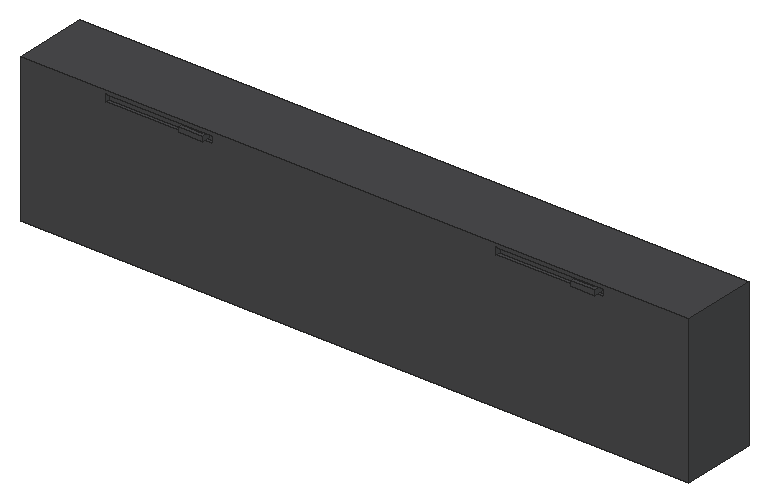
Revit family "DOT BLOCK CEILLING 328_DTSM15N3.1.36", category Luminarias, Revit 2019
Family settings
  Cota de conector redondo = Diámetro de uso
  Tipo de pieza = Normal
  Se basa en plano de trabajo = Sí
  Siempre vertical = Sí
  Corte con vacíos al cargar = No
  Origen de luz = Sí
  Compartido = No
  Punto de cálculo de habitación = No
Parameters (values of type "DOT BLOCK SURFACE 328_DM15N3.3.36")
  Ángulo de inclinación = 60.00°
  Zone [instance] = ""
  Watt per fixture = 15
  Wattage = 15 W
  built-in parameter 1150107 = 4000 (stored number, unit not read)
  built-in parameter 1150110 = 1 (stored number, unit not read)
  built-in parameter 1150109 = 1 (stored number, unit not read)
  built-in parameter 1150112 = 1 (stored number, unit not read)
  built-in parameter 1150113 = 1 (stored number, unit not read)
  built-in parameter 1114218 = 1 (stored number, unit not read)
  Keynote = ""
  built-in parameter 1150137 = (empty or 0)
  built-in parameter 1150132 = (empty or 0)
  Modelo = "DM15N3.3.36"
  Lámpara = "3030SMD PHILIPS"
  built-in parameter 1150105 = 6063.3 (stored number, unit not read)
  built-in parameter 1150102 = (empty or 0)
  built-in parameter 1150106 = 60.633 (stored number, unit not read)
  Lumens = 1395 lm
  Color Filter = 16777215
  built-in parameter 1114217 = 1 (stored number, unit not read)
  built-in parameter 1150139 = (empty or 0)
  Fabricante = "BRILLANT"
  Default Elevation = 1219.2 mm
  built-in parameter 1150104 = 8.64 (stored number, unit not read)
  Descripción = "LUMINARIA DOWNLIGHT EN FORMATO RECTANGULAR PARA EMPOTRAR DIRECTO EN PLAFON, CUERPO DE ALUMINIO ACABADO EN COLOR NEGRO, IP 20, PESO 0.84Kg, TIPO DE LED 3030SMD PHILIPS CON 15W TOTAL, 1400 LUMENES, 93LM/W, IRC 90, TEMPERATURA EN BLANCO FRIO 4000K, 50 MIL HORAS DE VIDA PROMEDIO, APERTURA DE 36 GRADOS POR PROYECTO, ALIMENTADO A 90-240V"
  built-in parameter 1150115 = 1 (stored number, unit not read)
  built-in parameter 1150114 = 1 (stored number, unit not read)
  Comentarios de vataje = "90-240V"
  built-in parameter 1150138 = (empty or 0)
  built-in parameter 1150134 = 12
  Circuit [instance] = ""
  Dimming Lamp Color Temperature Shift = (empty or 0)
  Archivo de red fotométrica = "L328A-15W-840-B-36_IESNA95.IES"
  built-in parameter 1150133 = 10 (stored number, unit not read)
Reference planes
  plane 1 "Centro (Frontal/Posterior)": y = 0
  plane 2: z = 0
  plane 3 "Centro (Izquierda/Derecha)": x = 0
Forms (mm)
  Extrusion 1, solid, material "Default Form", not visible
    sketch origin (0, 0, 0) x (1, 0, 0) y (0, 0, 1)
      loop
        line (-473, 0) -> (-473, -72) -> (473, -72) -> (473, 0) -> (-473, 0)
    from -18.326 to 18.326
  Blend 2, void, not visible
    base sketch origin (-293.63, 0, 0) x (1, 0, 0) y (0, 1, 0)
      loop
        line (-162, 16.149) -> (-162, -16.149) -> (-144.14, -16.149) -> (-144.14, 16.149) -> (-162, 16.149)
    top sketch origin (-293.63, 0, 0) x (1, 0, 0) y (0, 1, 0)
      loop
        line (-160, 12.149) -> (-160, -12.149) -> (-146.14, -12.149) -> (-146.14, 12.149) -> (-160, 12.149)
    from -72 to -61.591
  Blend 3, void, not visible
    base sketch origin (-267.33, 0, 0) x (1, 0, 0) y (0, 1, 0)
      loop
        line (-162, 16.149) -> (-162, -16.149) -> (-144.14, -16.149) -> (-144.14, 16.149) -> (-162, 16.149)
    top sketch origin (-267.33, 0, 0) x (1, 0, 0) y (0, 1, 0)
      loop
        line (-160, 12.149) -> (-160, -12.149) -> (-146.14, -12.149) -> (-146.14, 12.149) -> (-160, 12.149)
    from -72 to -61.591
  Blend 4, void, not visible
    base sketch origin (-241.03, 0, 0) x (1, 0, 0) y (0, 1, 0)
      loop
        line (-162, 16.149) -> (-162, -16.149) -> (-144.14, -16.149) -> (-144.14, 16.149) -> (-162, 16.149)
    top sketch origin (-241.03, 0, 0) x (1, 0, 0) y (0, 1, 0)
      loop
        line (-160, 12.149) -> (-160, -12.149) -> (-146.14, -12.149) -> (-146.14, 12.149) -> (-160, 12.149)
    from -72 to -61.591
  Blend 5, void, not visible
    base sketch origin (-214.73, 0, 0) x (1, 0, 0) y (0, 1, 0)
      loop
        line (-162, 16.149) -> (-162, -16.149) -> (-144.14, -16.149) -> (-144.14, 16.149) -> (-162, 16.149)
    top sketch origin (-214.73, 0, 0) x (1, 0, 0) y (0, 1, 0)
      loop
        line (-160, 12.149) -> (-160, -12.149) -> (-146.14, -12.149) -> (-146.14, 12.149) -> (-160, 12.149)
    from -72 to -61.591
  Blend 6, void, not visible
    base sketch origin (-188.43, 0, 0) x (1, 0, 0) y (0, 1, 0)
      loop
        line (-162, 16.149) -> (-162, -16.149) -> (-144.14, -16.149) -> (-144.14, 16.149) -> (-162, 16.149)
    top sketch origin (-188.43, 0, 0) x (1, 0, 0) y (0, 1, 0)
      loop
        line (-160, 12.149) -> (-160, -12.149) -> (-146.14, -12.149) -> (-146.14, 12.149) -> (-160, 12.149)
    from -72 to -61.591
  Blend 7, void, not visible
    base sketch origin (-162.13, 0, 0) x (1, 0, 0) y (0, 1, 0)
      loop
        line (-162, 16.149) -> (-162, -16.149) -> (-144.14, -16.149) -> (-144.14, 16.149) -> (-162, 16.149)
    top sketch origin (-162.13, 0, 0) x (1, 0, 0) y (0, 1, 0)
      loop
        line (-160, 12.149) -> (-160, -12.149) -> (-146.14, -12.149) -> (-146.14, 12.149) -> (-160, 12.149)
    from -72 to -61.591
  Blend 8, void, not visible
    base sketch origin (-135.83, 0, 0) x (1, 0, 0) y (0, 1, 0)
      loop
        line (-162, 16.149) -> (-162, -16.149) -> (-144.14, -16.149) -> (-144.14, 16.149) -> (-162, 16.149)
    top sketch origin (-135.83, 0, 0) x (1, 0, 0) y (0, 1, 0)
      loop
        line (-160, 12.149) -> (-160, -12.149) -> (-146.14, -12.149) -> (-146.14, 12.149) -> (-160, 12.149)
    from -72 to -61.591
  Blend 9, void, not visible
    base sketch origin (-109.53, 0, 0) x (1, 0, 0) y (0, 1, 0)
      loop
        line (-162, 16.149) -> (-162, -16.149) -> (-144.14, -16.149) -> (-144.14, 16.149) -> (-162, 16.149)
    top sketch origin (-109.53, 0, 0) x (1, 0, 0) y (0, 1, 0)
      loop
        line (-160, 12.149) -> (-160, -12.149) -> (-146.14, -12.149) -> (-146.14, 12.149) -> (-160, 12.149)
    from -72 to -61.591
  Blend 10, void, not visible
    base sketch origin (-83.23, 0, 0) x (1, 0, 0) y (0, 1, 0)
      loop
        line (-162, 16.149) -> (-162, -16.149) -> (-144.14, -16.149) -> (-144.14, 16.149) -> (-162, 16.149)
    top sketch origin (-83.23, 0, 0) x (1, 0, 0) y (0, 1, 0)
      loop
        line (-160, 12.149) -> (-160, -12.149) -> (-146.14, -12.149) -> (-146.14, 12.149) -> (-160, 12.149)
    from -72 to -61.591
  Blend 11, void, not visible
    base sketch origin (-56.93, 0, 0) x (1, 0, 0) y (0, 1, 0)
      loop
        line (-162, 16.149) -> (-162, -16.149) -> (-144.14, -16.149) -> (-144.14, 16.149) -> (-162, 16.149)
    top sketch origin (-56.93, 0, 0) x (1, 0, 0) y (0, 1, 0)
      loop
        line (-160, 12.149) -> (-160, -12.149) -> (-146.14, -12.149) -> (-146.14, 12.149) -> (-160, 12.149)
    from -72 to -61.591
  Blend 12, void, not visible
    base sketch origin (-30.63, 0, 0) x (1, 0, 0) y (0, 1, 0)
      loop
        line (-162, 16.149) -> (-162, -16.149) -> (-144.14, -16.149) -> (-144.14, 16.149) -> (-162, 16.149)
    top sketch origin (-30.63, 0, 0) x (1, 0, 0) y (0, 1, 0)
      loop
        line (-160, 12.149) -> (-160, -12.149) -> (-146.14, -12.149) -> (-146.14, 12.149) -> (-160, 12.149)
    from -72 to -61.591
  Blend 13, void, not visible
    base sketch origin (-4.33, 0, 0) x (1, 0, 0) y (0, 1, 0)
      loop
        line (-162, 16.149) -> (-162, -16.149) -> (-144.14, -16.149) -> (-144.14, 16.149) -> (-162, 16.149)
    top sketch origin (-4.33, 0, 0) x (1, 0, 0) y (0, 1, 0)
      loop
        line (-160, 12.149) -> (-160, -12.149) -> (-146.14, -12.149) -> (-146.14, 12.149) -> (-160, 12.149)
    from -72 to -61.591
  Blend 14, void, not visible
    base sketch origin (21.97, 0, 0) x (1, 0, 0) y (0, 1, 0)
      loop
        line (-162, 16.149) -> (-162, -16.149) -> (-144.14, -16.149) -> (-144.14, 16.149) -> (-162, 16.149)
    top sketch origin (21.97, 0, 0) x (1, 0, 0) y (0, 1, 0)
      loop
        line (-160, 12.149) -> (-160, -12.149) -> (-146.14, -12.149) -> (-146.14, 12.149) -> (-160, 12.149)
    from -72 to -61.591
  Blend 15, void, not visible
    base sketch origin (48.27, 0, 0) x (1, 0, 0) y (0, 1, 0)
      loop
        line (-162, 16.149) -> (-162, -16.149) -> (-144.14, -16.149) -> (-144.14, 16.149) -> (-162, 16.149)
    top sketch origin (48.27, 0, 0) x (1, 0, 0) y (0, 1, 0)
      loop
        line (-160, 12.149) -> (-160, -12.149) -> (-146.14, -12.149) -> (-146.14, 12.149) -> (-160, 12.149)
    from -72 to -61.591
  Blend 16, void, not visible
    base sketch origin (74.57, 0, 0) x (1, 0, 0) y (0, 1, 0)
      loop
        line (-162, 16.149) -> (-162, -16.149) -> (-144.14, -16.149) -> (-144.14, 16.149) -> (-162, 16.149)
    top sketch origin (74.57, 0, 0) x (1, 0, 0) y (0, 1, 0)
      loop
        line (-160, 12.149) -> (-160, -12.149) -> (-146.14, -12.149) -> (-146.14, 12.149) -> (-160, 12.149)
    from -72 to -61.591
  Blend 17, void, not visible
    base sketch origin (100.87, 0, 0) x (1, 0, 0) y (0, 1, 0)
      loop
        line (-162, 16.149) -> (-162, -16.149) -> (-144.14, -16.149) -> (-144.14, 16.149) -> (-162, 16.149)
    top sketch origin (100.87, 0, 0) x (1, 0, 0) y (0, 1, 0)
      loop
        line (-160, 12.149) -> (-160, -12.149) -> (-146.14, -12.149) -> (-146.14, 12.149) -> (-160, 12.149)
    from -72 to -61.591
  Blend 18, void, not visible
    base sketch origin (127.17, 0, 0) x (1, 0, 0) y (0, 1, 0)
      loop
        line (-162, 16.149) -> (-162, -16.149) -> (-144.14, -16.149) -> (-144.14, 16.149) -> (-162, 16.149)
    top sketch origin (127.17, 0, 0) x (1, 0, 0) y (0, 1, 0)
      loop
        line (-160, 12.149) -> (-160, -12.149) -> (-146.14, -12.149) -> (-146.14, 12.149) -> (-160, 12.149)
    from -72 to -61.591
  Blend 19, void, not visible
    base sketch origin (153.47, 0, 0) x (1, 0, 0) y (0, 1, 0)
      loop
        line (-162, 16.149) -> (-162, -16.149) -> (-144.14, -16.149) -> (-144.14, 16.149) -> (-162, 16.149)
    top sketch origin (153.47, 0, 0) x (1, 0, 0) y (0, 1, 0)
      loop
        line (-160, 12.149) -> (-160, -12.149) -> (-146.14, -12.149) -> (-146.14, 12.149) -> (-160, 12.149)
    from -72 to -61.591
  Blend 20, void, not visible
    base sketch origin (179.77, 0, 0) x (1, 0, 0) y (0, 1, 0)
      loop
        line (-162, 16.149) -> (-162, -16.149) -> (-144.14, -16.149) -> (-144.14, 16.149) -> (-162, 16.149)
    top sketch origin (179.77, 0, 0) x (1, 0, 0) y (0, 1, 0)
      loop
        line (-160, 12.149) -> (-160, -12.149) -> (-146.14, -12.149) -> (-146.14, 12.149) -> (-160, 12.149)
    from -72 to -61.591
  Blend 21, void, not visible
    base sketch origin (206.07, 0, 0) x (1, 0, 0) y (0, 1, 0)
      loop
        line (-162, 16.149) -> (-162, -16.149) -> (-144.14, -16.149) -> (-144.14, 16.149) -> (-162, 16.149)
    top sketch origin (206.07, 0, 0) x (1, 0, 0) y (0, 1, 0)
      loop
        line (-160, 12.149) -> (-160, -12.149) -> (-146.14, -12.149) -> (-146.14, 12.149) -> (-160, 12.149)
    from -72 to -61.591
  Blend 22, void, not visible
    base sketch origin (232.37, 0, 0) x (1, 0, 0) y (0, 1, 0)
      loop
        line (-162, 16.149) -> (-162, -16.149) -> (-144.14, -16.149) -> (-144.14, 16.149) -> (-162, 16.149)
    top sketch origin (232.37, 0, 0) x (1, 0, 0) y (0, 1, 0)
      loop
        line (-160, 12.149) -> (-160, -12.149) -> (-146.14, -12.149) -> (-146.14, 12.149) -> (-160, 12.149)
    from -72 to -61.591
  Blend 23, void, not visible
    base sketch origin (258.67, 0, 0) x (1, 0, 0) y (0, 1, 0)
      loop
        line (-162, 16.149) -> (-162, -16.149) -> (-144.14, -16.149) -> (-144.14, 16.149) -> (-162, 16.149)
    top sketch origin (258.67, 0, 0) x (1, 0, 0) y (0, 1, 0)
      loop
        line (-160, 12.149) -> (-160, -12.149) -> (-146.14, -12.149) -> (-146.14, 12.149) -> (-160, 12.149)
    from -72 to -61.591
  Blend 24, void, not visible
    base sketch origin (284.97, 0, 0) x (1, 0, 0) y (0, 1, 0)
      loop
        line (-162, 16.149) -> (-162, -16.149) -> (-144.14, -16.149) -> (-144.14, 16.149) -> (-162, 16.149)
    top sketch origin (284.97, 0, 0) x (1, 0, 0) y (0, 1, 0)
      loop
        line (-160, 12.149) -> (-160, -12.149) -> (-146.14, -12.149) -> (-146.14, 12.149) -> (-160, 12.149)
    from -72 to -61.591
  Blend 25, void, not visible
    base sketch origin (311.27, 0, 0) x (1, 0, 0) y (0, 1, 0)
      loop
        line (-162, 16.149) -> (-162, -16.149) -> (-144.14, -16.149) -> (-144.14, 16.149) -> (-162, 16.149)
    top sketch origin (311.27, 0, 0) x (1, 0, 0) y (0, 1, 0)
      loop
        line (-160, 12.149) -> (-160, -12.149) -> (-146.14, -12.149) -> (-146.14, 12.149) -> (-160, 12.149)
    from -72 to -61.591
  Blend 26, void, not visible
    base sketch origin (337.57, 0, 0) x (1, 0, 0) y (0, 1, 0)
      loop
        line (-162, 16.149) -> (-162, -16.149) -> (-144.14, -16.149) -> (-144.14, 16.149) -> (-162, 16.149)
    top sketch origin (337.57, 0, 0) x (1, 0, 0) y (0, 1, 0)
      loop
        line (-160, 12.149) -> (-160, -12.149) -> (-146.14, -12.149) -> (-146.14, 12.149) -> (-160, 12.149)
    from -72 to -61.591
  Blend 27, void, not visible
    base sketch origin (363.87, 0, 0) x (1, 0, 0) y (0, 1, 0)
      loop
        line (-162, 16.149) -> (-162, -16.149) -> (-144.14, -16.149) -> (-144.14, 16.149) -> (-162, 16.149)
    top sketch origin (363.87, 0, 0) x (1, 0, 0) y (0, 1, 0)
      loop
        line (-160, 12.149) -> (-160, -12.149) -> (-146.14, -12.149) -> (-146.14, 12.149) -> (-160, 12.149)
    from -72 to -61.591
  Blend 28, void, not visible
    base sketch origin (390.17, 0, 0) x (1, 0, 0) y (0, 1, 0)
      loop
        line (-162, 16.149) -> (-162, -16.149) -> (-144.14, -16.149) -> (-144.14, 16.149) -> (-162, 16.149)
    top sketch origin (390.17, 0, 0) x (1, 0, 0) y (0, 1, 0)
      loop
        line (-160, 12.149) -> (-160, -12.149) -> (-146.14, -12.149) -> (-146.14, 12.149) -> (-160, 12.149)
    from -72 to -61.591
  Blend 29, void, not visible
    base sketch origin (416.47, 0, 0) x (1, 0, 0) y (0, 1, 0)
      loop
        line (-162, 16.149) -> (-162, -16.149) -> (-144.14, -16.149) -> (-144.14, 16.149) -> (-162, 16.149)
    top sketch origin (416.47, 0, 0) x (1, 0, 0) y (0, 1, 0)
      loop
        line (-160, 12.149) -> (-160, -12.149) -> (-146.14, -12.149) -> (-146.14, 12.149) -> (-160, 12.149)
    from -72 to -61.591
  Blend 30, void, not visible
    base sketch origin (442.77, 0, 0) x (1, 0, 0) y (0, 1, 0)
      loop
        line (-162, 16.149) -> (-162, -16.149) -> (-144.14, -16.149) -> (-144.14, 16.149) -> (-162, 16.149)
    top sketch origin (442.77, 0, 0) x (1, 0, 0) y (0, 1, 0)
      loop
        line (-160, 12.149) -> (-160, -12.149) -> (-146.14, -12.149) -> (-146.14, 12.149) -> (-160, 12.149)
    from -72 to -61.591
  Blend 31, void, not visible
    base sketch origin (469.07, 0, 0) x (1, 0, 0) y (0, 1, 0)
      loop
        line (-162, 16.149) -> (-162, -16.149) -> (-144.14, -16.149) -> (-144.14, 16.149) -> (-162, 16.149)
    top sketch origin (469.07, 0, 0) x (1, 0, 0) y (0, 1, 0)
      loop
        line (-160, 12.149) -> (-160, -12.149) -> (-146.14, -12.149) -> (-146.14, 12.149) -> (-160, 12.149)
    from -72 to -61.591
  Blend 32, void, not visible
    base sketch origin (495.37, 0, 0) x (1, 0, 0) y (0, 1, 0)
      loop
        line (-162, 16.149) -> (-162, -16.149) -> (-144.14, -16.149) -> (-144.14, 16.149) -> (-162, 16.149)
    top sketch origin (495.37, 0, 0) x (1, 0, 0) y (0, 1, 0)
      loop
        line (-160, 12.149) -> (-160, -12.149) -> (-146.14, -12.149) -> (-146.14, 12.149) -> (-160, 12.149)
    from -72 to -61.591
  Blend 33, void, not visible
    base sketch origin (521.67, 0, 0) x (1, 0, 0) y (0, 1, 0)
      loop
        line (-162, 16.149) -> (-162, -16.149) -> (-144.14, -16.149) -> (-144.14, 16.149) -> (-162, 16.149)
    top sketch origin (521.67, 0, 0) x (1, 0, 0) y (0, 1, 0)
      loop
        line (-160, 12.149) -> (-160, -12.149) -> (-146.14, -12.149) -> (-146.14, 12.149) -> (-160, 12.149)
    from -72 to -61.591
  Blend 34, void, not visible
    base sketch origin (547.97, 0, 0) x (1, 0, 0) y (0, 1, 0)
      loop
        line (-162, 16.149) -> (-162, -16.149) -> (-144.14, -16.149) -> (-144.14, 16.149) -> (-162, 16.149)
    top sketch origin (547.97, 0, 0) x (1, 0, 0) y (0, 1, 0)
      loop
        line (-160, 12.149) -> (-160, -12.149) -> (-146.14, -12.149) -> (-146.14, 12.149) -> (-160, 12.149)
    from -72 to -61.591
  Blend 35, void, not visible
    base sketch origin (574.27, 0, 0) x (1, 0, 0) y (0, 1, 0)
      loop
        line (-162, 16.149) -> (-162, -16.149) -> (-144.14, -16.149) -> (-144.14, 16.149) -> (-162, 16.149)
    top sketch origin (574.27, 0, 0) x (1, 0, 0) y (0, 1, 0)
      loop
        line (-160, 12.149) -> (-160, -12.149) -> (-146.14, -12.149) -> (-146.14, 12.149) -> (-160, 12.149)
    from -72 to -61.591
  Blend 36, void, not visible
    base sketch origin (600.57, 0, 0) x (1, 0, 0) y (0, 1, 0)
      loop
        line (-162, 16.149) -> (-162, -16.149) -> (-144.14, -16.149) -> (-144.14, 16.149) -> (-162, 16.149)
    top sketch origin (600.57, 0, 0) x (1, 0, 0) y (0, 1, 0)
      loop
        line (-160, 12.149) -> (-160, -12.149) -> (-146.14, -12.149) -> (-146.14, 12.149) -> (-160, 12.149)
    from -72 to -61.591
  Extrusion 37, solid, not visible
    sketch origin (-463.861, 0, 3.217) x (0, -1, 0) y (0, 0, -1)
      loop
        line (18.326, 3.217) -> (-18.326, 3.217) -> (-18.326, 73.917) -> (-32.183, 73.917) -> (-32.183, 72.617) -> (-19.626, 72.617) -> (-19.626, 1.917) -> (19.626, 1.917) -> (19.626, 72.617) -> (32.183, 72.617) -> (32.183, 73.917) -> (18.326, 73.917) -> (18.326, 3.217)
    from 89.098 to 128.24
  Extrusion 38, solid, not visible
    sketch origin (-246.523, 0, 3.217) x (0, -1, 0) y (0, 0, 1)
      loop
        line (-19.626, -1.917) -> (19.626, -1.917) -> (19.626, -63.89) -> (20.426, -63.89) -> (20.426, -1.117) -> (-20.426, -1.117) -> (-20.426, -63.89) -> (-19.626, -63.89) -> (-19.626, -1.917)
    from 122.954 to 124.098
  Extrusion 39, solid, not visible
    sketch origin (-463.861, 0, 3.217) x (0, -1, 0) y (0, 0, -1)
      loop
        line (-19.626, 1.917) -> (-19.626, 63.89) -> (-20.426, 63.89) -> (-20.426, 1.117) -> (20.426, 1.117) -> (20.426, 63.89) -> (19.626, 63.89) -> (19.626, 1.917) -> (-19.626, 1.917)
    from 122.954 to 124.098
  Extrusion 40, void, not visible
    sketch origin (0, 0, 0) x (1, 0, 0) y (0, 1, 0)
      loop
        circle (-363.799, -25.904) r 2.055
      loop
        circle (-346.585, -25.904) r 2.055
      loop
        circle (-363.799, 25.904) r 2.055
      loop
        circle (-346.585, 25.904) r 2.055
    from -70.7 to -69.4
  Blend 41, void
    base sketch origin (74.57, 130.851, 72) x (1, 0, 0) y (0, 1, 0)
      loop
        line (-162, -147) -> (-144.14, -147) -> (-144.14, -114.702) -> (-162, -114.702) -> (-162, -147)
    top sketch origin (74.57, 130.851, 72) x (1, 0, 0) y (0, 1, 0)
      loop
        line (-160, -143) -> (-146.14, -143) -> (-146.14, -118.702) -> (-160, -118.702) -> (-160, -143)
    from -72 to -61.591
  Blend 42, void
    base sketch origin (100.87, 130.851, 72) x (1, 0, 0) y (0, 1, 0)
      loop
        line (-162, -147) -> (-144.14, -147) -> (-144.14, -114.702) -> (-162, -114.702) -> (-162, -147)
    top sketch origin (100.87, 130.851, 72) x (1, 0, 0) y (0, 1, 0)
      loop
        line (-160, -143) -> (-146.14, -143) -> (-146.14, -118.702) -> (-160, -118.702) -> (-160, -143)
    from -72 to -61.591
  Blend 43, void
    base sketch origin (127.17, 130.851, 72) x (1, 0, 0) y (0, 1, 0)
      loop
        line (-162, -147) -> (-144.14, -147) -> (-144.14, -114.702) -> (-162, -114.702) -> (-162, -147)
    top sketch origin (127.17, 130.851, 72) x (1, 0, 0) y (0, 1, 0)
      loop
        line (-160, -143) -> (-146.14, -143) -> (-146.14, -118.702) -> (-160, -118.702) -> (-160, -143)
    from -72 to -61.591
  Blend 44, void
    base sketch origin (153.47, 130.851, 72) x (1, 0, 0) y (0, 1, 0)
      loop
        line (-162, -147) -> (-144.14, -147) -> (-144.14, -114.702) -> (-162, -114.702) -> (-162, -147)
    top sketch origin (153.47, 130.851, 72) x (1, 0, 0) y (0, 1, 0)
      loop
        line (-160, -143) -> (-146.14, -143) -> (-146.14, -118.702) -> (-160, -118.702) -> (-160, -143)
    from -72 to -61.591
  Blend 45, void
    base sketch origin (179.77, 130.851, 72) x (1, 0, 0) y (0, 1, 0)
      loop
        line (-162, -147) -> (-144.14, -147) -> (-144.14, -114.702) -> (-162, -114.702) -> (-162, -147)
    top sketch origin (179.77, 130.851, 72) x (1, 0, 0) y (0, 1, 0)
      loop
        line (-160, -143) -> (-146.14, -143) -> (-146.14, -118.702) -> (-160, -118.702) -> (-160, -143)
    from -72 to -61.591
  Blend 46, void
    base sketch origin (206.07, 130.851, 72) x (1, 0, 0) y (0, 1, 0)
      loop
        line (-162, -147) -> (-144.14, -147) -> (-144.14, -114.702) -> (-162, -114.702) -> (-162, -147)
    top sketch origin (206.07, 130.851, 72) x (1, 0, 0) y (0, 1, 0)
      loop
        line (-160, -143) -> (-146.14, -143) -> (-146.14, -118.702) -> (-160, -118.702) -> (-160, -143)
    from -72 to -61.591
  Blend 47, void
    base sketch origin (232.37, 130.851, 72) x (1, 0, 0) y (0, 1, 0)
      loop
        line (-162, -147) -> (-144.14, -147) -> (-144.14, -114.702) -> (-162, -114.702) -> (-162, -147)
    top sketch origin (232.37, 130.851, 72) x (1, 0, 0) y (0, 1, 0)
      loop
        line (-160, -143) -> (-146.14, -143) -> (-146.14, -118.702) -> (-160, -118.702) -> (-160, -143)
    from -72 to -61.591
  Extrusion 48, solid, material "Default Form"
    sketch origin (0, 0, 72) x (1, 0, 0) y (0, 0, -1)
      loop
        line (-164, 0) -> (164, 0) -> (164, 72) -> (-164, 72) -> (-164, 0)
    from -18.326 to 18.326
  Blend 49, void
    base sketch origin (258.67, 130.851, 72) x (1, 0, 0) y (0, 1, 0)
      loop
        line (-162, -147) -> (-144.14, -147) -> (-144.14, -114.702) -> (-162, -114.702) -> (-162, -147)
    top sketch origin (258.67, 130.851, 72) x (1, 0, 0) y (0, 1, 0)
      loop
        line (-160, -143) -> (-146.14, -143) -> (-146.14, -118.702) -> (-160, -118.702) -> (-160, -143)
    from -72 to -61.591
  Blend 50, void
    base sketch origin (284.97, 130.851, 72) x (1, 0, 0) y (0, 1, 0)
      loop
        line (-162, -147) -> (-144.14, -147) -> (-144.14, -114.702) -> (-162, -114.702) -> (-162, -147)
    top sketch origin (284.97, 130.851, 72) x (1, 0, 0) y (0, 1, 0)
      loop
        line (-160, -143) -> (-146.14, -143) -> (-146.14, -118.702) -> (-160, -118.702) -> (-160, -143)
    from -72 to -61.591
  Blend 51, void
    base sketch origin (21.97, 130.851, 72) x (1, 0, 0) y (0, 1, 0)
      loop
        line (-162, -147) -> (-144.14, -147) -> (-144.14, -114.702) -> (-162, -114.702) -> (-162, -147)
    top sketch origin (21.97, 130.851, 72) x (1, 0, 0) y (0, 1, 0)
      loop
        line (-160, -143) -> (-146.14, -143) -> (-146.14, -118.702) -> (-160, -118.702) -> (-160, -143)
    from -72 to -61.591
  Blend 52, void
    base sketch origin (48.27, 130.851, 72) x (1, 0, 0) y (0, 1, 0)
      loop
        line (-162, -147) -> (-144.14, -147) -> (-144.14, -114.702) -> (-162, -114.702) -> (-162, -147)
    top sketch origin (48.27, 130.851, 72) x (1, 0, 0) y (0, 1, 0)
      loop
        line (-160, -143) -> (-146.14, -143) -> (-146.14, -118.702) -> (-160, -118.702) -> (-160, -143)
    from -72 to -61.591
  Extrusion 53, void
    sketch origin (0, 0, 0) x (1, 0, 0) y (0, 1, 0)
      loop
        line (-122.17, -18.326) -> (-69.57, -18.326) -> (-69.57, -16.149) -> (-122.17, -16.149) -> (-122.17, -18.326)
      loop
        line (122.17, -18.326) -> (122.17, -16.149) -> (69.57, -16.149) -> (69.57, -18.326) -> (122.17, -18.326)
      loop
        line (-122.17, 18.326) -> (-122.17, 16.149) -> (-69.57, 16.149) -> (-69.57, 18.326) -> (-122.17, 18.326)
      loop
        line (122.17, 18.326) -> (69.57, 18.326) -> (69.57, 16.149) -> (122.17, 16.149) -> (122.17, 18.326)
    from 66.852 to 70.535
  Extrusion 54, solid, material "Default Form"
    sketch origin (0, 0, 0) x (1, 0, 0) y (0, 1, 0)
      loop
        line (-73.041, -16.149) -> (-74.374, -16.149) -> (-74.374, -18.326) -> (-84.875, -18.326) -> (-84.875, -20.238) -> (-73.041, -20.238) -> (-73.041, -16.149)
      loop
        line (119.435, -16.149) -> (118.101, -16.149) -> (118.101, -18.326) -> (107.601, -18.326) -> (107.601, -20.238) -> (119.435, -20.238) -> (119.435, -16.149)
      loop
        line (-73.041, 16.149) -> (-73.041, 20.238) -> (-84.875, 20.238) -> (-84.875, 18.326) -> (-74.374, 18.326) -> (-74.374, 16.149) -> (-73.041, 16.149)
      loop
        line (119.435, 16.149) -> (119.435, 20.238) -> (107.601, 20.238) -> (107.601, 18.326) -> (118.101, 18.326) -> (118.101, 16.149) -> (119.435, 16.149)
    from 67.466 to 69.773
Cuts and joins
  Blend 41, Blend 42, Blend 43, Blend 44, Blend 45, Blend 46, Blend 47, Blend 49, Blend 50, Blend 51, Blend 52, Extrusion 53 cuts Extrusion 48
Dimensions and locks
  cut or joined group 1 (Blend 41, Blend 42, Blend 43, Blend 44, Blend 45, Blend 46, Blend 47, Extrusion 48, Blend 49, Blend 50, Blend 51, Blend 52, Extrusion 53) to cut or joined group 1 = 72 mm  (x2)
  cut or joined group 1 to cut or joined group 1 = 36.651 mm
  cut or joined group 1 to cut or joined group 1 = 328 mm
  aligned and locked: level to plane 2
Connectors
  electrical at (0, 0, 72)
    settings: on cut or joined group 1, index 1, voltage 0 V, apparent load 0 VA, apparent load phase1 0 VA, apparent load phase2 0 VA, apparent load phase3 0 VA, power factor 1, load classification "Otro", number of poles 1, system type 31, power factor state 1, is connector primary yes, connector utility no, sub classification motor no, connector description ""
